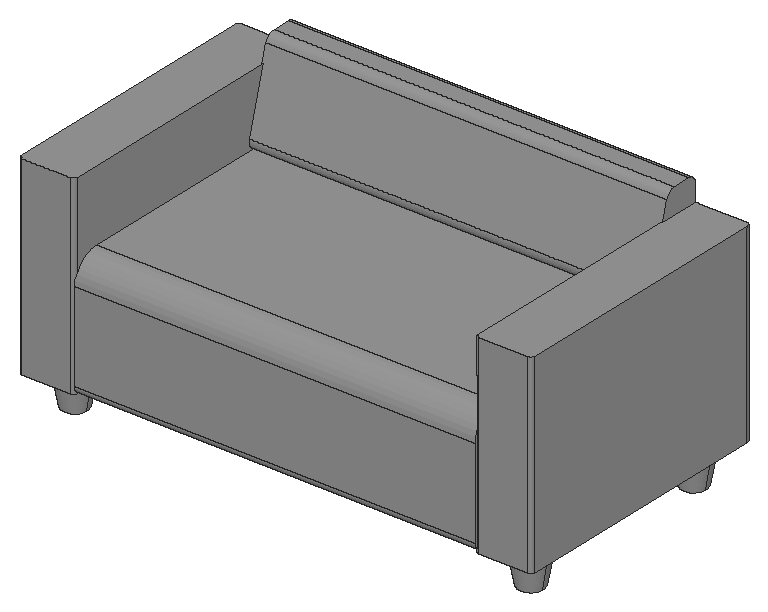
Revit family "IKEA-Klobo-2-seat sofa", category Furniture, Revit 2013
Parameters
  width = 1460 mm
  height = 720 mm
  depth = 780 mm
  Frame = Particleboard
  Foot = Polypropylene 
  Exterior material = Fabric
Reference planes
  plane 1 "Center (Front/Back)": y = 0
  plane 2: z = 0
  plane 3 "Center (Left/Right)": x = 0
  plane 4 "left": x = -730
  plane 5 "right": x = 730
  plane 6 "back": y = 390
  plane 7 "front": y = -390
  plane 8: z = 720
Forms (mm)
  Blend 1, solid, material "Plastic, Opaque Black"
    base sketch origin (100, -100, 0) x (1, 0, 0) y (0, 1, 0)
      loop
        circle (-750, 390) r 35
    top sketch origin (100, -100, 0) x (1, 0, 0) y (0, 1, 0)
      loop
        circle (-750, 390) r 55
    from 0 to 110
  Blend 2, solid, material "Plastic, Opaque Black"
    base sketch origin (-100, -100, 0) x (-1, 0, 0) y (0, -1, 0)
      loop
        circle (-747.5, -390) r 35
    top sketch origin (-100, -100, 0) x (-1, 0, 0) y (0, -1, 0)
      loop
        circle (-747.5, -390) r 55
    from 0 to 110
  Blend 3, solid, material "Plastic, Opaque Black"
    base sketch origin (100, 100, 0) x (1, 0, 0) y (0, 1, 0)
      loop
        circle (-750, -390) r 35
    top sketch origin (100, 100, 0) x (1, 0, 0) y (0, 1, 0)
      loop
        circle (-750, -390) r 55
    from 0 to 110
  Blend 4, solid, material "Plastic, Opaque Black"
    base sketch origin (-100, 100, 0) x (-1, 0, 0) y (0, -1, 0)
      loop
        circle (-747.5, 390) r 35
    top sketch origin (-100, 100, 0) x (-1, 0, 0) y (0, -1, 0)
      loop
        circle (-747.5, 390) r 55
    from 0 to 110
  Extrusion 5, solid, material "Linen, White"
    sketch origin (0, 0, 0) x (1, 0, 0) y (0, 1, 0)
      loop
        arc (-720, 390) -> (-727.071, 387.071) -> (-730, 380) r 10
        line (-730, 380) -> (-730, -380)
        arc (-730, -380) -> (-727.071, -387.071) -> (-720, -390) r 10
        line (-720, -390) -> (-580, -390)
        arc (-580, -390) -> (-572.929, -387.071) -> (-570, -380) r 10
        line (-570, -380) -> (-570, 380)
        arc (-570, 380) -> (-572.929, 387.071) -> (-580, 390) r 10
        line (-580, 390) -> (-720, 390)
      loop
        line (715, 390) -> (580, 390)
        arc (580, 390) -> (572.929, 387.071) -> (570, 380) r 10
        line (570, 380) -> (570, -380)
        arc (570, -380) -> (572.929, -387.071) -> (580, -390) r 10
        line (580, -390) -> (720, -390)
        arc (720, -390) -> (727.071, -387.071) -> (730, -380) r 10
        line (730, -380) -> (730, 375)
        arc (730, 375) -> (725.607, 385.607) -> (715, 390) r 15
    from 100 to 650
  Extrusion 6, solid, material "Linen, White"
    sketch origin (0, 0, 0) x (0, 1, 0) y (0, 0, 1)
      loop
        line (-370, 100) -> (390, 100) -> (390, 450) -> (-315, 450)
        arc (-315, 450) -> (-368.033, 428.033) -> (-390, 375) r 75
        line (-390, 375) -> (-390, 120)
        arc (-390, 120) -> (-384.142, 105.858) -> (-370, 100) r 20
    from -570 to 570
  Extrusion 7, solid, material "Linen, White"
    sketch origin (0, 0, 0) x (0, 1, 0) y (0, 0, 1)
      loop
        line (370, 720) -> (320.028, 720)
        arc (320.028, 720) -> (301.973, 713.959) -> (291.19, 698.269) r 30
        line (291.19, 698.269) -> (229.145, 481.891)
        arc (229.145, 481.891) -> (233.21, 459.955) -> (253.176, 450) r 25
        line (253.176, 450) -> (390, 450) -> (390, 700)
        arc (390, 700) -> (384.142, 714.142) -> (370, 720) r 20
    from -570 to 570
Dimensions and locks
  equal spacing: plane 4 "left", plane 3 "Center (Left/Right)", plane 5 "right"
  "width": plane 4 "left" to plane 5 "right"
  equal spacing: plane 6 "back", plane 1 "Center (Front/Back)", plane 7 "front"
  "depth": plane 6 "back" to plane 7 "front"
  "height": plane 8 to level
  aligned and locked: level to plane 2
  aligned and locked: Extrusion 6 to Extrusion 5  (x2)
  aligned and locked: Extrusion 7 to Extrusion 5  (x2)
Automatic sketch dimensions
  plane 4 "left" to Blend 1 sketch curve = 80 mm  (x2)
  Blend 1 sketch curve to plane 6 "back" = 100 mm  (x2)
  plane 5 "right" to Blend 2 sketch curve = 82.5 mm  (x2)
  plane 6 "back" to Blend 2 sketch curve = 100 mm  (x2)
  Blend 3 sketch curve to plane 4 "left" = 80 mm  (x2)
  Blend 3 sketch curve to plane 7 "front" = 100 mm  (x2)
  Blend 4 sketch curve to plane 5 "right" = 82.5 mm  (x2)
  plane 7 "front" to Blend 4 sketch curve = 100 mm  (x2)
  Extrusion 5 sketch curve to plane 4 "left" = 0 mm
  Extrusion 5 sketch curve to plane 7 "front" = 0 mm  (x2)
  Extrusion 5 sketch curve to plane 6 "back" = 0 mm  (x2)
  Extrusion 5 sketch curve to plane 5 "right" = 0 mm
  plane 7 "front" to Extrusion 5 sketch curve = 10 mm  (x2)
  plane 4 "left" to Extrusion 5 sketch curve = 10 mm  (x2)
  Extrusion 5 sketch curve to Extrusion 5 sketch curve = 140 mm  (x2)
  Extrusion 5 sketch curve to plane 6 "back" = 10 mm
  Extrusion 5 sketch curve to Extrusion 5 sketch curve = 150 mm
  Extrusion 5 sketch curve to Extrusion 5 sketch curve = 10 mm
  Extrusion 5 sketch curve to plane 5 "right" = 15 mm
  Extrusion 6 sketch curve to plane 7 "front" = 0 mm
  Extrusion 6 sketch curve to plane 6 "back" = 0 mm
  level to Extrusion 6 sketch curve = 100 mm
  plane 7 "front" to Extrusion 6 sketch curve = 20 mm
  plane 7 "front" to Extrusion 6 sketch curve = 75 mm
  Extrusion 6 sketch curve to Extrusion 6 sketch curve = 255 mm
  Extrusion 7 sketch curve to plane 8 = 0 mm
  Extrusion 7 sketch curve to plane 6 "back" = 0 mm
  Extrusion 7 sketch curve to plane 8 = 270 mm
  Extrusion 7 sketch curve to plane 6 "back" = 20 mm
  Extrusion 7 sketch curve to Extrusion 7 sketch curve = 49.972 mm
  Extrusion 7 sketch curve to plane 8 = 21.731 mm
  Extrusion 7 sketch curve to Extrusion 7 sketch curve = 28.838 mm
  Extrusion 7 sketch curve to Extrusion 7 sketch curve = 136.824 mm
  Extrusion 7 sketch curve to Extrusion 7 sketch curve = 24.032 mm
  Extrusion 7 sketch curve to Extrusion 7 sketch curve = 31.891 mm
  radius of Blend 1 sketch curve = 35 mm
  radius of Blend 1 sketch curve = 55 mm
  radius of Blend 2 sketch curve = 35 mm
  radius of Blend 2 sketch curve = 55 mm
  radius of Blend 3 sketch curve = 35 mm
  radius of Blend 3 sketch curve = 55 mm
  radius of Blend 4 sketch curve = 35 mm
  radius of Blend 4 sketch curve = 55 mm
